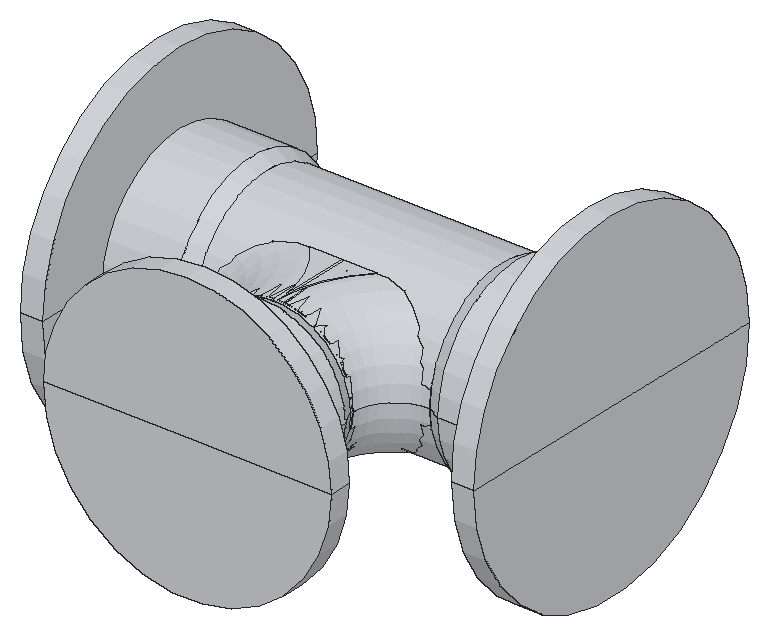
Revit family "64e4dd711e36486d905e0f55a1b3c93b", category Pipe Fittings, Revit 2021
Family settings
  Round Connector Dimension = Use Radius
  Part Type = Tee
  OmniClass Number = 23.60.30.11.14
  OmniClass Title = Pipework Fittings
  Seek Item ID = Tee - PVC - Sch 40-0000-USA-ENU
  Work Plane-Based = No
  Always vertical = Yes
  Cut with Voids When Loaded = No
  Shared = No
Parameters (values of type "Standard")
  Visibility 1 [instance] = Angle = 90.00°  # yes
  Tick Size 2 [instance] = Fitting Outside Diameter 2 * 0.4  # 1.5840"
  Tick Size 1 [instance] = Fitting Outside Diameter 1 * 0.4  # 1.9200"
  Socket Outside Radius 2 [instance] = Socket Outside Diameter 2 / 2  # 2.1750"
  Socket Outside Radius 1 [instance] = Socket Outside Diameter 1 / 2  # 2.5950"
  Socket Outside Diameter 1 [instance] = size_lookup(Lookup Table Name, "SOD", 1.08 * Max Nominal Diameter 12 + 1.1300", Max Nominal Diameter 12)  # 5.1900"
  Socket Outside Diameter 2 [instance] = size_lookup(Lookup Table Name, "SOD", 1.08 * Nominal Diameter 2 + 1.1300", Nominal Diameter 2)  # 4.3500"
  Socket Depth 2 [instance] = if(Nominal Diameter 2 < 14.0000", 2.5000", if(Nominal Diameter 2 < 30.0000", 3.5000", 4.0000"))  # 2.5000"
  Socket Depth 1 [instance] = if(Max Nominal Diameter 12 < 14.0000", 2.5000", if(Max Nominal Diameter 12 < 30.0000", 3.5000", 4.0000"))  # 2.5000"
  Nominal Radius 2 [instance] = 1.5000"
  Nominal Diameter 2 [instance] = Nominal Radius 2 * 2  # 3.0000"
  Max Nominal Diameter 12 [instance] = if(Nominal Diameter 1 < Nominal Diameter 2, Nominal Diameter 2, Nominal Diameter 1)  # 4.0000"
  Lookup Table Name = "Tee Reducing Compact - MJ - DI - Class 350"
  Length 2 [instance] = Socket Depth 2 + Bevel Length 2  # 2.8900"
  Length 1 [instance] = abs(Fitting Outside Radius 1 - Fitting Outside Radius 2)  # 0.4200"
  Fitting Outside Radius 2 [instance] = Fitting Outside Diameter 2 / 2  # 1.9800"
  Fitting Outside Radius 1 [instance] = Fitting Outside Diameter 1 / 2  # 2.4000"
  Fitting Outside Diameter 2 [instance] = size_lookup(Lookup Table Name, "FOD", 1.04 * Nominal Diameter 2 + 0.7000", Nominal Diameter 2)  # 3.9600"
  Fitting Outside Diameter 1 [instance] = size_lookup(Lookup Table Name, "FOD", 1.04 * Max Nominal Diameter 12 + 0.7000", Max Nominal Diameter 12)  # 4.8000"
  Nominal Radius 1 [instance] = 2.0000"
  Nominal Diameter 1 [instance] = Nominal Radius 1 * 2  # 4.0000"
  Loss Method = K Coefficient from Table
  K Coefficient Table = "Tee"
  Default Elevation = 0.0000"
  Bevel Length 2 [instance] = size_lookup(Lookup Table Name, "BvLgt", 0.04 * Nominal Diameter 2 + 0.4300", Nominal Diameter 2)  # 0.3900"
  Bevel Length 1 [instance] = size_lookup(Lookup Table Name, "BvLgt", 0.04 * Max Nominal Diameter 12 + 0.4300", Max Nominal Diameter 12)  # 0.3900"
  Center to Socket Bottom 2 [instance] = size_lookup(Lookup Table Name, "CtSB2", 1.5500" + 0.612 * Max Nominal Diameter 12, Max Nominal Diameter 12)  # 4.0000"
  Center to Socket Bottom 1 Not Found [instance] = if(not(Max Nominal Diameter 12 < Nominal Diameter 2), Center to Socket Bottom 2, 0.2200" + 0.1158 * Nominal Diameter 1 + 0.5182 * Nominal Diameter 2)  # 4.0000"
  Center to Socket Bottom 1 [instance] = size_lookup(Lookup Table Name, "CtSB1", Center to Socket Bottom 1 Not Found, Max Nominal Diameter 12, Nominal Diameter 2)  # 3.5000"
  Center to End 2 Label [instance] = if((Center to End 2 - Gland Width 2) * tan(Angle 1 / 2) > Gland Outside Radius 1, Center to End 2, Gland Outside Radius 1 / tan(Angle 1 / 2) + Gland Width 2)  # 6.5000"
  Center to End 2 [instance] = Center to Socket Bottom 2 + Socket Depth 2  # 6.5000"
  Center to End 1 Label [instance] = if((Center to End 2 - Gland Width 2) * tan(Angle 1 / 2) > Gland Outside Radius 1, Center to End 1, Gland Outside Radius 1 / tan(Angle 1 / 2) + Gland Width 2)  # 6.0000"
  Center to End 1 [instance] = Center to Socket Bottom 1 + Socket Depth 1  # 6.0000"
  Center Radius [instance] = Center to Socket Bottom 1 - Bevel Length 1  # 3.1100"
  Center Radius Label [instance] = if(Center to Socket Bottom 2 - Bevel Length 2 - Length 1 < Center Radius, Center to Socket Bottom 2 - Bevel Length 2 - Length 1, Center Radius)  # 3.1100"
  Gland Width 2 [instance] = size_lookup(Lookup Table Name, "GWid", 0.03 * Nominal Diameter 2 + 0.9400", Nominal Diameter 2)  # 0.5800"
  Gland Width 1 [instance] = size_lookup(Lookup Table Name, "GWid", 0.03 * Max Nominal Diameter 12 + 0.9400", Max Nominal Diameter 12)  # 0.6000"
  Gland Outside Radius 2 [instance] = Gland Outside Diameter 2 / 2  # 3.8100"
  Gland Outside Radius 1 [instance] = Gland Outside Diameter 1 / 2  # 4.5300"
  Gland Outside Diameter 2 [instance] = size_lookup(Lookup Table Name, "GOD", 1.16 * Nominal Diameter 2 + 4.0300", Nominal Diameter 2)  # 7.6200"
  Gland Outside Diameter 1 [instance] = size_lookup(Lookup Table Name, "GOD", 1.16 * Max Nominal Diameter 12 + 4.0300", Max Nominal Diameter 12)  # 9.0600"
  Angle 1 [instance] = if(Angle > 90.00°, 180.00° - Angle, Angle)  # 90.00°
  Angle [instance] = 90.00°
Reference planes (in)
  plane 1 "Center (Front/Back)": y = 0
  plane 2: z = 0
  plane 3 "Center (Left/Right)": x = 0
  plane 4: y = -4
  plane 5: y = 4.53
  plane 6: y = 2.595
  plane 7: y = 2.4
  plane 8: x = -6
  plane 9: x = -5.4
  plane 10: x = -3.11
  plane 11: x = -3.5
  plane 12: x = 6
  plane 13: x = 5.4
  plane 14: x = 3.11
  plane 15: x = 3.5
  plane 16: y = -3.61
  plane 17: x = -3.11
  plane 18: x = 3.11
  plane 19: z = 1.98
  plane 20: z = -1.98
  plane 21: y = 1.92
  plane 22: y = -1.92
  plane 23: y = -0.42
  plane 24: y = -3.53
Forms (in)
  Revolve 1, solid, detail levels fine
    sketch origin (0, 0, 0) x (1, 0, 0) y (0, 1, 0)
      loop
        line (-6, 0) -> (6, 0) -> (6, 4.53) -> (5.4, 4.53) -> (5.4, 2.595) -> (3.5, 2.595) -> (3.11, 2.4) -> (-3.11, 2.4) -> (-3.5, 2.595) -> (-5.4, 2.595) -> (-5.4, 4.53) -> (-6, 4.53) -> (-6, 0)
      axis (-6, 0) -> (6, 0)
    angle from 0 to 360
  Sweep 2, solid, visible <- "Visibility 1", detail levels fine
    path origin (0, 0, 0) x (1, 0, 0) y (0, 1, 0)
      loop
        arc (-3.11, -0.42) -> (-0.9109, -1.3309) -> (0, -3.53) r 3.11
    profile origin (0, -3.53, 0) x (1, 0, 0) y (0, 0, 1)
      loop
        circle (0, 0) r 1.98
  Sweep 3, solid, visible <- "Visibility 1", detail levels fine
    path origin (0, 0, 0) x (-1, 0, 0) y (0, 1, 0)
      loop
        arc (-3.11, -0.42) -> (-0.9109, -1.3309) -> (0, -3.53) r 3.11
    profile origin (0, -3.53, 0) x (1, 0, 0) y (0, 0, 1)
      loop
        circle (0, 0) r 1.98
  Extrusion 4, solid, visible <- "Visibility 1", detail levels fine
    sketch origin (0, 0, 0) x (1, 0, 0) y (0, 1, 0)
      loop
        arc (-3.11, -0.42) -> (-0.9109, -1.3309) -> (0, -3.53) r 3.11
        arc (0, -3.53) -> (0.9109, -1.3309) -> (3.11, -0.42) r 3.11
        line (3.11, -0.42) -> (-3.11, -0.42)
    from -1.98 to 1.98
  Revolve 5, solid, detail levels fine
    sketch origin (0, 0, 0) x (0, -1, 0) y (1, 0, 0)
      loop
        line (6.5, 0) -> (0, 0) -> (0, -1.98) -> (3.61, -1.98) -> (4, -2.175) -> (5.92, -2.175) -> (5.92, -3.81) -> (6.5, -3.81) -> (6.5, 0)
      axis (0, 0) -> (6.5, 0)
    angle from 0 to 360
Cuts and joins
  joined: Revolve 1, Revolve 5
Lines and regions (in)
  model lines, detail levels coarse+medium
    curve 1: line (-6, 1.92, 0) -> (-6, -1.92, 0)
    curve 2: line (6, 1.92, 0) -> (6, -1.92, 0)
    curve 5: line (-1.584, -6.5, 0) -> (1.584, -6.5, 0)
  model lines, style "PipeFitting", detail levels coarse+medium
    curve 3: line (-6, 0, 0) -> (6, 0, 0)
    curve 6: line (0, 0, 0) -> (0, -6.5, 0)
  reference lines, not visible
    curve 4: line (0, 0, 0) -> (0, -6.5, 0)
Dimensions and locks (in)
  "Center to Socket Bottom 2": plane 4 to plane 1 "Center (Front/Back)"
  "Fitting Outside Radius 1": plane 7 to plane 1 "Center (Front/Back)"
  "Socket Outside Radius 1": plane 6 to plane 1 "Center (Front/Back)"
  "Gland Outside Radius 1": plane 5 to plane 1 "Center (Front/Back)"
  "Gland Width 1": plane 8 to plane 9
  "Socket Depth 1": plane 8 to plane 11
  "Bevel Length 1": plane 11 to plane 10
  "Gland Width 1": plane 12 to plane 13
  "Socket Depth 1": plane 12 to plane 15
  "Bevel Length 1": plane 14 to plane 15
  "Bevel Length 2": plane 16 to plane 4
  "Center Radius Label": plane 17 to plane 3 "Center (Left/Right)"
  "Center Radius Label": plane 3 "Center (Left/Right)" to plane 18
  "Fitting Outside Radius 2": plane 19 to plane 2
  "Fitting Outside Radius 2": plane 20 to level
  "Tick Size 1": plane 1 "Center (Front/Back)" to plane 22
  "Tick Size 1": plane 21 to plane 1 "Center (Front/Back)"
  "Center Radius Label": plane 23 to plane 24
  "Center to End 2 Label": curve 4 to curve 4
  "Tick Size 2": curve 5 to curve 4
  "Tick Size 2": curve 4 to curve 5
  "Center to End 2 Label": curve 6 to curve 6
  "Center to End 2 Label": Revolve 5 sketch curve to Revolve 5 sketch curve
  "Gland Outside Radius 2": Revolve 5 sketch curve to Revolve 5 sketch curve
  "Socket Outside Radius 2": Revolve 5 sketch curve to Revolve 5 sketch curve
  "Fitting Outside Radius 2": Revolve 5 sketch curve to Revolve 5 sketch curve
  "Gland Width 2": Revolve 5 sketch curve to Revolve 5 sketch curve
  "Socket Depth 2": Revolve 5 sketch curve to Revolve 5 sketch curve
  "Length 2": Revolve 5 sketch curve to Revolve 5 sketch curve
  "Center to End 1 Label": plane 8 to plane 3 "Center (Left/Right)"
  "Center to End 1 Label": plane 3 "Center (Left/Right)" to plane 12
  "Length 1": plane 1 "Center (Front/Back)" to plane 23
  "Center Radius Label": radius of Sweep 2 sketch curve
  "Fitting Outside Radius 2": radius of Sweep 2 sketch curve
  "Center Radius Label": radius of Sweep 3 sketch curve
  "Fitting Outside Radius 2": radius of Sweep 3 sketch curve
  "Center Radius Label": radius of Extrusion 4 sketch curve  (x2)
  "Angle": angle curve 4 to plane 1 "Center (Front/Back)"
  locked: curve 4 to curve 5 (angle 90.00°)
  "Angle": angle curve 6 to plane 1 "Center (Front/Back)"
  "Angle": angle Revolve 5 sketch curve to plane 1 "Center (Front/Back)"
  aligned and locked: plane 1 "Center (Front/Back)" to Revolve 1 sketch curve
  aligned and locked: plane 8 to Revolve 1 sketch curve
  aligned and locked: Revolve 1 sketch curve to plane 5  (x2)
  aligned and locked: Revolve 1 sketch curve to plane 7
  aligned and locked: Revolve 1 sketch curve to plane 6  (x2)
  aligned and locked: Revolve 1 sketch curve to plane 13
  aligned and locked: Revolve 1 sketch curve to plane 12
  aligned and locked: Revolve 1 sketch curve to plane 9
  aligned and locked: Revolve 1 sketch curve to Revolve 1 sketch curve
  aligned and locked: plane 11 to Revolve 1 sketch curve
  aligned and locked: plane 10 to Revolve 1 sketch curve
  aligned and locked: plane 14 to Revolve 1 sketch curve
  aligned and locked: plane 15 to Revolve 1 sketch curve
  aligned and locked: plane 17 to Sweep 2 sketch curve
  aligned and locked: plane 18 to Sweep 3 sketch curve
  aligned and locked: plane 22 to curve 2
  aligned and locked: plane 21 to curve 2
  aligned and locked: plane 12 to curve 2
  aligned and locked: plane 22 to curve 1
  aligned and locked: plane 21 to curve 1
  aligned and locked: curve 1 to plane 8
  aligned and locked: plane 1 "Center (Front/Back)" to curve 3
  aligned and locked: plane 8 to curve 3
  aligned and locked: plane 12 to curve 3
  aligned and locked: plane 24 to Sweep 2 sketch curve
  aligned and locked: plane 24 to Sweep 3 sketch curve
  aligned and locked: plane 17 to Extrusion 4 sketch curve
  aligned and locked: plane 24 to Extrusion 4 sketch curve  (x2)
  aligned and locked: plane 18 to Extrusion 4 sketch curve
  aligned and locked: plane 20 to Extrusion 4
  aligned and locked: plane 19 to Extrusion 4
  aligned and locked: plane 3 "Center (Left/Right)" to curve 4
  aligned and locked: plane 1 "Center (Front/Back)" to curve 4
  aligned and locked: curve 5 to curve 4
  aligned and locked: plane 3 "Center (Left/Right)" to curve 6
  aligned and locked: plane 1 "Center (Front/Back)" to curve 6
  aligned and locked: plane 3 "Center (Left/Right)" to Revolve 5 sketch curve
  aligned and locked: plane 1 "Center (Front/Back)" to Revolve 5 sketch curve
  aligned and locked: Revolve 5 sketch curve to Revolve 5 sketch curve  (x3)
Automatic sketch dimensions
  Revolve 1 sketch curve to plane 8 = 1.01143"
  Revolve 1 sketch curve to plane 12 = 1.76143"
  Sweep 2 sketch curve to level = 0.0000"
  profile plane to Sweep 2 sketch curve = 0.0000"
  Sweep 3 sketch curve to level = 0.0000"
  profile plane to Sweep 3 sketch curve = 0.0000"
Connectors (in)
  piping at (-6, 0, 0), diameter 4, driven by "Nominal Radius 1"
    settings: on Revolve 1, index 1, connector inside diameter 4.0000", connector length 0.0000", flow factor 0, pipe flow 0 GPM, pressure drop 0.00 psi, fitting loss kfactor 0, connector angle 0.00°, fixture units 0, engagement length 0.0000", angle of deflection 0.00°, flow configuration 0, flow direction 0, fitting loss method 0, system type 28, joint type 0, gender type 0, connector reference index 2, connector utility 0, adjustable connector no, is connector primary yes, connector description ""
  piping at (6, 0, 0), diameter 4, driven by "Nominal Radius 1"
    settings: on Revolve 1, index 2, connector inside diameter 4.0000", connector length 0.0000", flow factor 0, pipe flow 0 GPM, pressure drop 0.00 psi, fitting loss kfactor 0, connector angle 0.00°, fixture units 0, engagement length 0.0000", angle of deflection 0.00°, flow configuration 0, flow direction 0, fitting loss method 0, system type 28, joint type 0, gender type 0, connector reference index 1, connector utility 0, adjustable connector no, is connector primary no, connector description ""
  piping at (0, -6.5, 0), diameter 3, driven by "Nominal Radius 2", driven by "Angle"
    settings: on Revolve 5, index 3, connector inside diameter 3.0000", connector length 0.0000", flow factor 0, pipe flow 0 GPM, pressure drop 0.00 psi, fitting loss kfactor 0, connector angle 90.00°, fixture units 0, engagement length 0.0000", angle of deflection 0.00°, flow configuration 0, flow direction 0, fitting loss method 0, system type 28, joint type 0, gender type 0, connector reference index -1, connector utility 0, adjustable connector no, is connector primary no, connector description ""
